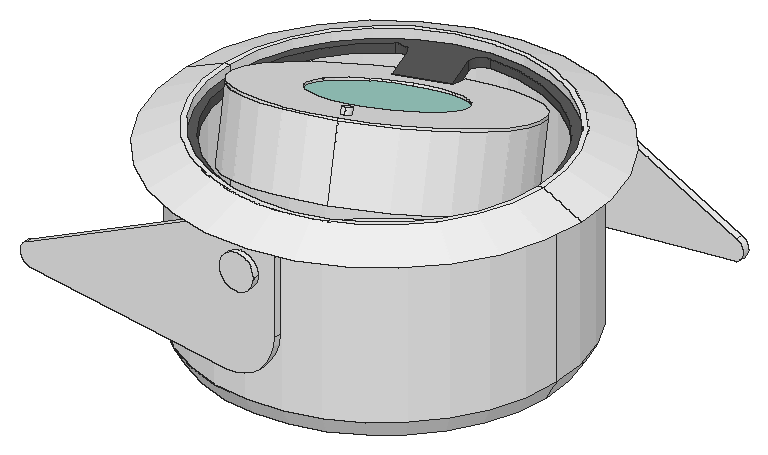
Revit family "Ciak 2.7", category Lighting Fixtures, host Face, Revit 2017
Family settings
  Host = Face
  Round Connector Dimension = Use Diameter
  Part Type = Normal
  Cut with Voids When Loaded = Yes
  Light Source = No
  Shared = No
  Room Calculation Point = Yes
Parameters (values of type "Ciak 2.7_J 65° (3000K 5W 24Vdc)")
  Wiring = "-"
  Width mm = 61 mm
  Weight kg = "0.15"
  Voltage = 24 V
  Vertical rotation adjusted [instance] = if(Vertical rotation > Vertical rotation max, Vertical rotation max, Vertical rotation)  # 20.00°
  Vertical rotation [instance] = 20.00°
  Vertical rotation max = 70.00°
  URL Technical sheet = "https://www.lucelight.it/media/prodotti/st/ST_CIAK_27.pdf"
  URL Image = "https://www.lucelight.it/media/prodotti/foto/ciak_2.7_still.jpg"
  URL IES Photometric file = "https://www.lucelight.it/media/prodotti/fotometrie/ciak_2.7_ies.zip"
  URL General code = "https://www.lucelight.it/en/prodotto.php/102911#a-generacodice"
  URL Description = "https://www.lucelight.it/en/capitolato.php/102911"
  URL DXF = "https://www.lucelight.it/media/prodotti/dxf/ciak_2.7.dxf"
  URL Catalogue = "https://www.lucelight.it/media/prodotti/brochure/ciak_brochure_en.pdf"
  URL Accessories and power supply units = "https://www.lucelight.it/en/prodotto.php/102911#a-scheda-accessori"
  URL = "https://www.lucelight.it/en/prodotto.php/102911"
  Trim = L&L_Black aluminium
  Radius void = 32.5 mm
  Power supply unit = "not included"
  Power supply = "24Vdc"
  Power cables = "includes 1.5 m PVC cable FROR 2x0.35/0.35 diam. 3.5 m"
  Power = "5W"
  Optics = "65°"
  Notes = "-"
  No. and type of led = "1 high-intensity power LED"
  Model = "Ciak 2.7"
  Manufacturer = "L&L Luce&Light"
  Light Source = Light Source_2.7 : J65°
  Geometry 2 = Ciak 2.0_mod : Ciak 2.7
  Mounting = "recessed (ceiling, shelf, shop window)"
  Material = "body and trim in aluminium"
  Lumen output at source = "452 lm (3000K)"
  Lens = L&L_Lens
  Length mm = 61 mm
  LED Colour = "3000K (also available: 2700K and 4000K - ref. URL Technical sheet)"
  L1 = 16.545 mm
  IP = "40"
  Horizontal rotation [instance] = 70.00°
  Horizontal rotation max = 350.00°
  Horizontal rotation adjusted [instance] = if(Horizontal rotation > Horizontal rotation max, Horizontal rotation max, Horizontal rotation)  # 70.00°
  Height void = 30 mm
  Height mm = 30 mm
  Geometry 1 = Ciak 2.0_Geometry 1 : Ciak 2.0_Geometry 1
  Features = "-"
  Energy efficiency class = "A A+ A++"
  Description = "indoor recessed"
  Delivered lumen output = "303 lm (3000K, 32°)"
  Default Elevation = 1219.2 mm
  Cutout dimensions = "diam. 65 mm"
  Control system = "-"
  Contact = "T: +39 0444 360571; E: lucelight@lucelight.it"
  Company = "L&L Luce&Light"
  Code = "CK27001 B White; CK27001 N Black"
  CRI = "90"
  Body = L&L_White aluminium
  Geometry 3 = Ciak 2.0_Geometry 3 : Ciak 2.0_Geometry 3
  Apparent Load Phase 1 = 5 W
Types (6, lengths in mm): name | Vertical rotation adjusted | Vertical rotation | Optics | Light Source
  Ciak 2.7_J 65° (3000K 5W 24Vdc) | 20.00° | 20.00° | "65°" | Light Source_2.7 : J65°
  Ciak 2.7_L 32° (3000K 5W 24Vdc) | 30.00° | 30.00° | "32°" | Light Source_2.7 : L32°
  Ciak 2.7_M 17° (3000K 5W 24Vdc) | 30.00° | 30.00° | "17°" | Light Source_2.7 : M17°
  Ciak 2.7_P 19° (3000K 5W 24Vdc) | 30.00° | 30.00° | "19°" | Light Source_2.7 : P19°
  Ciak 2.7_S 11° (3000K 5W 24Vdc) | 30.00° | 30.00° | "11°" | Light Source_2.7 : S11°
  Ciak 2.7_W 13°x43° (3000K 5W 24Vdc) | 30.00° | 30.00° | "13°x43°" | Light Source_2.7 : W13°x43°
Reference planes
  plane 1 "Center (Front/Back)": y = 0
  plane 2: z = 0
  plane 3 "Center (Left/Right)": x = 0
  plane 4: z = -30
Forms (mm)
  Extrusion 1, void
    sketch origin (0, 0, 0) x (-0.939693, -0.34202, 0) y (-0.34202, 0.939693, 0)
      loop
        circle (0, 0) r 32.5
    from 0 to 30
Lines and regions (mm)
  reference lines
    curve 1: line (0, 0, 0) -> (-5.659, 15.547, 0)
    curve 2: line (-5.659, 15.547, 0) -> (-5.659, 15.547, 1.5)
Dimensions and locks
  "L1": curve 1 to curve 1
  "Height void": plane 4 to plane 2
  "Radius void": radius of Extrusion 1 sketch curve
  "Horizontal rotation adjusted": angle curve 1 to plane 1 "Center (Front/Back)"
  aligned and locked: plane 2 to host face
  aligned and locked: level to host face
  aligned and locked: Extrusion 1 to plane 4
  aligned and locked: plane 2 to Extrusion 1
Automatic sketch dimensions
  host sketch curve to host sketch curve = 2438.4 mm  (x2)
  curve 2 to curve 1 = 0 mm  (x2)
  curve 1 to curve 2 = 1.5 mm
  plane 1 "Center (Front/Back)" to curve 1 = 0 mm
  curve 1 to plane 3 "Center (Left/Right)" = 0 mm
  Extrusion 1 sketch curve to curve 1 = 0 mm  (x2)
Nested families
  nested 1: "Ciak 2.0_Geometry 3" at (0, 0, 0) x (0.342, -0.9397, 0) z (0, 0, 1), type <- "Geometry 3", type "Ciak 2.0_Geometry 3"
  nested 2: "Ciak 2.0_Geometry 1" at (0, 0, 0), type <- "Geometry 1", type "Ciak 2.0_Geometry 1"
  nested 3: "Ciak 2.0_mod" at (-5.659, 15.547, 1.1) x (-0.342, 0.9397, 0) z (0, 0, 1), type <- "Geometry 2", Vertical rotation <- "Vertical rotation adjusted", type "Ciak 2.7"
    with Vertical rotation 20.00°
  nested 4: "Light Source_2.7" at (-0.406, 1.116, 6.796) x (0.9397, 0.342, 0) z (-0.117, 0.3214, 0.9397), type <- "Light Source", type "J65°"
Connectors
  electrical at (0, 0, 0), driven by "Voltage", driven by "Apparent Load Phase 1"
    settings: on host face, index 1, voltage 24 V, apparent load 0 VA, apparent load phase1 5 VA, apparent load phase2 0 VA, apparent load phase3 0 VA, power factor 1, load classification "Lighting", number of poles 1, system type 31, power factor state 1, is connector primary yes, connector utility no, sub classification motor no, connector description ""
Definition of nested family "Ciak 2.0_Geometry 3"
  Parameters (values of type "Ciak 02_Black Steel_01")
    Trim = none
    Default Elevation = 1219.2 mm
  Reference planes
    plane 1 "Light Source Axis (F/B)": y = 0
    plane 2: z = 0
    plane 3 "Light Source Axis (L/R)": x = 0
    plane 4 "Light Source Elevation": z = 1500
  Forms (mm)
    Extrusion 1, solid, material <- "Trim", detail levels fine
      sketch origin (0, 0, 0) x (-1, 0, 0) y (0, -1, 0)
        loop
          line (16.545, -4.4) -> (16.545, 4.4) -> (23.027, 4.4)
          arc (23.027, 4.4) -> (24.62, 5.19) -> (24.954, 6.936) r 2
          arc (24.954, 6.936) -> (-25.9, 0) -> (24.954, -6.936) r 25.9
          arc (24.954, -6.936) -> (24.62, -5.19) -> (23.027, -4.4) r 2
          line (23.027, -4.4) -> (16.545, -4.4)
        loop
          circle (0, 0) r 27.5
      from 0 to 1.5
  Dimensions and locks
    aligned and locked: level to plane 2
Definition of nested family "Ciak 2.0_Geometry 1"
  Parameters (values of type "Ciak 2.0_Geometry 1")
    Body = none
  Reference planes
    plane 1 "Light Source Axis (F/B)": y = 0
    plane 2: z = 0
    plane 3 "Light Source Axis (L/R)": x = 0
    plane 4 "Light Source Elevation": z = 1500
  Forms (mm)
    Extrusion 1, solid, material <- "Body", detail levels fine
      sketch origin (-61.359, -31.473, 48.674) x (1, 0, 0) y (0, 0, 1)
        loop
          arc (67.182, -50.765) -> (66.597, -49.35) -> (65.182, -48.765) r 2
          line (65.182, -48.765) -> (57.399, -48.765)
          arc (57.399, -48.765) -> (55.235, -49.002) -> (53.173, -49.701) r 10
          line (53.173, -49.701) -> (23.337, -63.614)
          arc (23.337, -63.614) -> (22.2, -65.694) -> (23.847, -67.399) r 2
          arc (23.847, -67.399) -> (41.225, -69.867) -> (58.712, -71.378) r 320
          arc (58.712, -71.378) -> (64.671, -69.213) -> (67.182, -63.392) r 8
          line (67.182, -63.392) -> (67.182, -50.765)
      from -1.009 to 0
    Extrusion 2, solid, material <- "Body", detail levels fine
      sketch origin (-61.359, -31.473, 48.674) x (1, 0, 0) y (0, 0, 1)
        loop
          circle (61.182, -54.715) r 3
      from 0 to 1
    Extrusion 3, solid, material <- "Body", detail levels fine
      sketch origin (-61.359, 31.473, 48.674) x (1, 0, 0) y (0, 0, -1)
        loop
          circle (61.182, 54.715) r 3
      from 0 to 1
    Extrusion 4, solid, material <- "Body", detail levels fine
      sketch origin (61.359, 31.473, 48.674) x (-1, 0, 0) y (0, 0, 1)
        loop
          arc (67.182, -50.765) -> (66.597, -49.35) -> (65.182, -48.765) r 2
          line (65.182, -48.765) -> (57.399, -48.765)
          arc (57.399, -48.765) -> (55.235, -49.002) -> (53.173, -49.701) r 10
          line (53.173, -49.701) -> (23.337, -63.614)
          arc (23.337, -63.614) -> (22.2, -65.694) -> (23.847, -67.399) r 2
          arc (23.847, -67.399) -> (41.225, -69.867) -> (58.712, -71.378) r 320
          arc (58.712, -71.378) -> (64.671, -69.213) -> (67.182, -63.392) r 8
          line (67.182, -63.392) -> (67.182, -50.765)
      from -1.009 to 0
    Extrusion 5, solid, material <- "Body", detail levels coarse
      sketch origin (0, 0, 0) x (1, 0, 0) y (0, 1, 0)
        loop
          circle (0, 0) r 35
      from 0 to -30
    Extrusion 6, solid, material <- "Body", detail levels medium+fine
      sketch origin (0, 0, 0) x (1, 0, 0) y (0, 1, 0)
        loop
          circle (0, 0) r 30.5
        loop
          circle (0, 0) r 27.4
      from 0 to -27
    Blend 7, solid, material <- "Body", detail levels medium+fine
      base sketch origin (0, 0, -54) x (-1, 0, 0) y (0, -1, 0)
        loop
          circle (0, 0) r 30.5
      top sketch origin (0, 0, -54) x (-1, 0, 0) y (0, -1, 0)
        loop
          circle (0, 0) r 28.75
      from 27 to 24
    Revolve 8, solid, material <- "Body", detail levels medium+fine
      sketch origin (0, 0, 0) x (1, 0, 0) y (0, 0, 1)
        loop
          line (28.2, 2.997) -> (27.4, 2.997) -> (27.4, 0) -> (35, 0) -> (28.2, 2.997)
        axis (0, 2.997) -> (0, 0)
      angle from 0 to 360
  Dimensions and locks
    aligned and locked: level to plane 2
Definition of nested family "Ciak 2.0_mod"
  Parameters (values of type "Ciak 2.7")
    Vertical rotation [instance] = 20.00°
    Lens = none
    Default Elevation = 1219.2 mm
    Body = none
  Reference planes
    plane 1 "Light Source Axis (F/B)": y = 0
    plane 2: z = 0
    plane 3 "Light Source Axis (L/R)": x = 0
    plane 4 "Light Source Elevation": z = 0
    plane 5: z = 0
  Lines and regions (mm)
    reference lines
      curve 1: line (0, 0, -6.093) -> (0, 0, 0)
      curve 2: line (0, 0, 0) -> (-129.494, 0, 47.132)
  Dimensions and locks
    "Vertical rotation": angle curve 2 to plane 5
    aligned and locked: level to plane 2
  Automatic sketch dimensions
    curve 2 to level = 0 mm
    curve 2 to plane 3 "Light Source Axis (L/R)" = 0 mm
    curve 1 to level = 6.093 mm
  Nested families
    nested 1: "Ciak 02_Movable Geometry_01" at (-15.55, 0, 5.66) x (-0.9397, 0, 0.342) z (-0.342, 0, -0.9397), type "Ciak 02_Movable Geometry_01"
    nested 2: "Ciak 02_Flat Cover_01" at (-15.55, 0, 5.66) x (-0.9397, 0, 0.342) z (-0.342, 0, -0.9397), type "Ciak 02_Flat Cover_01"
  Definition of nested family "Ciak 02_Movable Geometry_01"
    Parameters (values of type "Ciak 02_Movable Geometry_01")
      Lens = none
      Default Elevation = 1219.2 mm
      Body = none
    Reference planes
      plane 1 "Light Source Axis (F/B)": y = 0
      plane 2: z = 0
      plane 3 "Light Source Axis (L/R)": x = 0
      plane 4 "Light Source Elevation": z = 1500
      plane 5: z = 12
    Forms (mm)
      Extrusion 1, solid, material <- "Body", detail levels fine
        sketch origin (0, 0, 0) x (-1, 0, 0) y (0, -1, 0)
          loop
            arc (-22.5, 0) -> (-2.261, -22.386) -> (22.045, -4.5) r 22.5
            line (22.045, -4.5) -> (16.545, -4.5) -> (16.545, 4.5) -> (22.045, 4.5)
            arc (22.045, 4.5) -> (-2.261, 22.386) -> (-22.5, 0) r 22.5
        from 0 to 12
      Extrusion 2, solid, material <- "Body", detail levels medium
        sketch origin (0, 0, 0) x (1, 0, 0) y (0, 1, 0)
          loop
            circle (0, 0) r 22.5
        from 0 to 12
      Extrusion 3, solid, material <- "Body", detail levels coarse
        sketch origin (0, 0, 0) x (1, 0, 0) y (0, 1, 0)
          loop
            circle (0, 0) r 22.5
        from 0 to 12
      Extrusion 4, solid, material <- "Lens", detail levels medium+fine
        sketch origin (0, 0, 0) x (1, 0, 0) y (0, 1, 0)
          loop
            circle (0, 0) r 11.75
        from -0.1 to 0.4
    Dimensions and locks
      level to plane 5 = 12 mm
      aligned and locked: level to plane 2
  Definition of nested family "Ciak 02_Flat Cover_01"
    Parameters (values of type "Ciak 02_Flat Cover_01")
      Default Elevation = 1219.2 mm
      Body = none
    Reference planes
      plane 1 "Light Source Axis (F/B)": y = 0
      plane 2: z = 0
      plane 3 "Light Source Axis (L/R)": x = 0
      plane 4 "Light Source Elevation": z = 1500
      plane 5: z = -7.4
    Forms (mm)
      Extrusion 1, solid, material <- "Body", detail levels fine
        sketch origin (0, 0, 0) x (-1, 0, 0) y (0, -1, 0)
          loop
            arc (-22.5, 0) -> (-2.261, -22.386) -> (22.045, -4.5) r 22.5
            line (22.045, -4.5) -> (16.545, -4.5) -> (16.545, 4.5) -> (22.045, 4.5)
            arc (22.045, 4.5) -> (-2.261, 22.386) -> (-22.5, 0) r 22.5
          loop
            circle (0.318, 0) r 11.75
        from 0 to -0.4
      Extrusion 2, solid, material <- "Body", detail levels fine
        sketch origin (0, 0, 0) x (1, 0, 0) y (0, 1, 0)
          loop
            circle (18.566, 0) r 0.8
        from -0.4 to -1.4
    Dimensions and locks
      aligned and locked: level to plane 2
Definition of nested family "Light Source_2.7"
  Parameters (values of type "J65°")
    Wattage = 3.04291 W
    built-in parameter 1150110 = 1 (stored number, unit not read)
    built-in parameter 1114217 = 1 (stored number, unit not read)
    Tilt Angle = 0.00°
    built-in parameter 1150109 = 1 (stored number, unit not read)
    built-in parameter 1150134 = (empty or 0)
    built-in parameter 1150113 = 1 (stored number, unit not read)
    Photometric Web File = "CIAK 2.6 J 65° [3000K 5W 24Vdc].IES"
    Lumens = 452 lm
    built-in parameter 1150115 = 1 (stored number, unit not read)
    built-in parameter 1150105 = 35.969 (stored number, unit not read)
    built-in parameter 1150137 = (empty or 0)
    built-in parameter 1150139 = (empty or 0)
    built-in parameter 1150112 = 1 (stored number, unit not read)
    built-in parameter 1150114 = 1 (stored number, unit not read)
    built-in parameter 1150132 = 2
    built-in parameter 1150102 = (empty or 0)
    built-in parameter 1150138 = (empty or 0)
    built-in parameter 1150107 = 3000 (stored number, unit not read)
    built-in parameter 1150106 = 0.35969 (stored number, unit not read)
    built-in parameter 1150104 = 13.8 (stored number, unit not read)
    Dimming Lamp Color Temperature Shift = (empty or 0)
    Default Elevation = 1219.2 mm
    Color Filter = 16777215
    built-in parameter 1114218 = 1 (stored number, unit not read)
    built-in parameter 1150133 = 10 (stored number, unit not read)
  Types (6, lengths in mm): name | Photometric Web File
    J65° | "CIAK 2.6 J 65° [3000K 5W 24Vdc].IES"
    L32° | "CIAK 2.6 L 32° [3000K 5W 24Vdc].IES"
    M17° | "CIAK 2.6 M 17° [3000K 5W 24Vdc].IES"
    P19° | "CIAK 2.6 P (19°) [3000K 5W 24Vdc].IES"
    S11° | "CIAK 2.6 S 11° [3000K 5W 24Vdc].IES"
    W13°x43° | "CIAK 2.6 W 13°x43° [3000K 5W 24Vdc].IES"
  Reference planes
    plane 1 "Light Source Axis (F/B)": y = 0
    plane 2: z = 0
    plane 3 "Light Source Axis (L/R)": x = 0
    plane 4 "Light Source Elevation": z = 0
  Dimensions and locks
    aligned and locked: plane 1 "Light Source Axis (F/B)" to imposter light
    aligned and locked: level to plane 2
